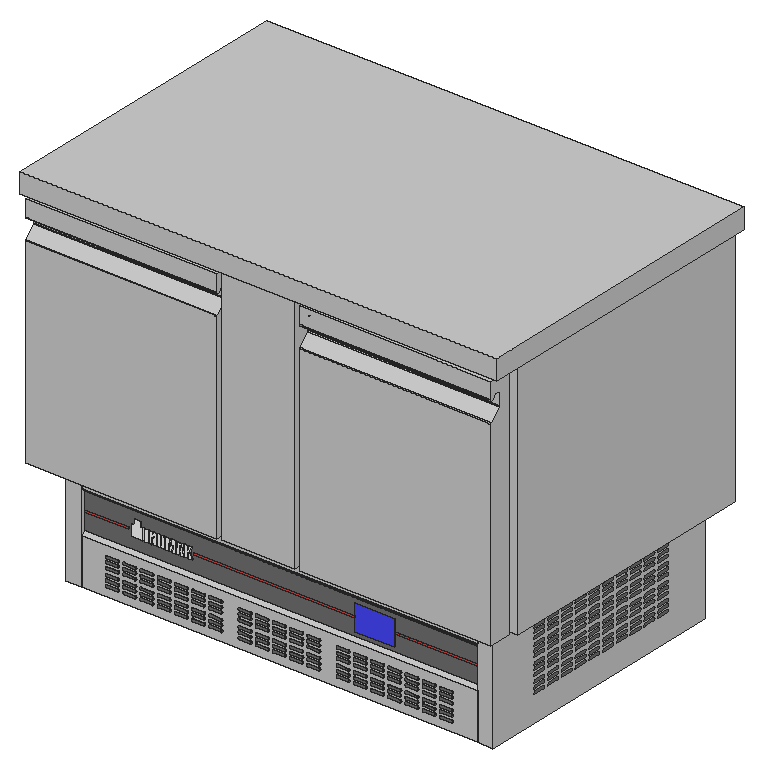
Revit family "QF_INOMAK_BPVP7300_250611012940", category Specialty Equipment, Revit 2021 (continued)
Definition of nested family "QF_INOMAK_REF_BASE_MOTOR_2920"
  Forms (mm)
    Extrusion 19, solid
      sketch origin (39, 1580.136, -390.167) x (0, 1, 0) y (0, 0, 1)
        loop
          arc (-1868.436, 587.535) -> (-1871.436, 584.535) -> (-1868.436, 581.535) r 3
          line (-1868.436, 581.535) -> (-1844.436, 581.535)
          arc (-1844.436, 581.535) -> (-1841.436, 584.535) -> (-1844.436, 587.535) r 3
          line (-1844.436, 587.535) -> (-1868.436, 587.535)
        loop
          arc (-1829.436, 587.535) -> (-1832.436, 584.535) -> (-1829.436, 581.535) r 3
          line (-1829.436, 581.535) -> (-1805.436, 581.535)
          arc (-1805.436, 581.535) -> (-1802.436, 584.535) -> (-1805.436, 587.535) r 3
          line (-1805.436, 587.535) -> (-1829.436, 587.535)
        loop
          arc (-1790.436, 587.535) -> (-1793.436, 584.535) -> (-1790.436, 581.535) r 3
          line (-1790.436, 581.535) -> (-1766.436, 581.535)
          arc (-1766.436, 581.535) -> (-1763.436, 584.535) -> (-1766.436, 587.535) r 3
          line (-1766.436, 587.535) -> (-1790.436, 587.535)
        loop
          arc (-1751.436, 587.535) -> (-1754.436, 584.535) -> (-1751.436, 581.535) r 3
          line (-1751.436, 581.535) -> (-1727.436, 581.535)
          arc (-1727.436, 581.535) -> (-1724.436, 584.535) -> (-1727.436, 587.535) r 3
          line (-1727.436, 587.535) -> (-1751.436, 587.535)
        loop
          arc (-1985.436, 572.535) -> (-1988.436, 569.535) -> (-1985.436, 566.535) r 3
          line (-1985.436, 566.535) -> (-1961.436, 566.535)
          arc (-1961.436, 566.535) -> (-1958.436, 569.535) -> (-1961.436, 572.535) r 3
          line (-1961.436, 572.535) -> (-1985.436, 572.535)
        loop
          arc (-1946.436, 572.535) -> (-1949.436, 569.535) -> (-1946.436, 566.535) r 3
          line (-1946.436, 566.535) -> (-1922.436, 566.535)
          arc (-1922.436, 566.535) -> (-1919.436, 569.535) -> (-1922.436, 572.535) r 3
          line (-1922.436, 572.535) -> (-1946.436, 572.535)
        loop
          arc (-1907.436, 572.535) -> (-1910.436, 569.535) -> (-1907.436, 566.535) r 3
          line (-1907.436, 566.535) -> (-1883.436, 566.535)
          arc (-1883.436, 566.535) -> (-1880.436, 569.535) -> (-1883.436, 572.535) r 3
          line (-1883.436, 572.535) -> (-1907.436, 572.535)
        loop
          arc (-1868.436, 572.535) -> (-1871.436, 569.535) -> (-1868.436, 566.535) r 3
          line (-1868.436, 566.535) -> (-1844.436, 566.535)
          arc (-1844.436, 566.535) -> (-1841.436, 569.535) -> (-1844.436, 572.535) r 3
          line (-1844.436, 572.535) -> (-1868.436, 572.535)
        loop
          arc (-1829.436, 572.535) -> (-1832.436, 569.535) -> (-1829.436, 566.535) r 3
          line (-1829.436, 566.535) -> (-1805.436, 566.535)
          arc (-1805.436, 566.535) -> (-1802.436, 569.535) -> (-1805.436, 572.535) r 3
          line (-1805.436, 572.535) -> (-1829.436, 572.535)
        loop
          arc (-1790.436, 572.535) -> (-1793.436, 569.535) -> (-1790.436, 566.535) r 3
          line (-1790.436, 566.535) -> (-1766.436, 566.535)
          arc (-1766.436, 566.535) -> (-1763.436, 569.535) -> (-1766.436, 572.535) r 3
          line (-1766.436, 572.535) -> (-1790.436, 572.535)
        loop
          arc (-1751.436, 572.535) -> (-1754.436, 569.535) -> (-1751.436, 566.535) r 3
          line (-1751.436, 566.535) -> (-1727.436, 566.535)
          arc (-1727.436, 566.535) -> (-1724.436, 569.535) -> (-1727.436, 572.535) r 3
          line (-1727.436, 572.535) -> (-1751.436, 572.535)
        loop
          arc (-1985.436, 561.535) -> (-1988.436, 558.535) -> (-1985.436, 555.535) r 3
          line (-1985.436, 555.535) -> (-1961.436, 555.535)
          arc (-1961.436, 555.535) -> (-1958.436, 558.535) -> (-1961.436, 561.535) r 3
          line (-1961.436, 561.535) -> (-1985.436, 561.535)
        loop
          arc (-1946.436, 561.535) -> (-1949.436, 558.535) -> (-1946.436, 555.535) r 3
          line (-1946.436, 555.535) -> (-1922.436, 555.535)
          arc (-1922.436, 555.535) -> (-1919.436, 558.535) -> (-1922.436, 561.535) r 3
          line (-1922.436, 561.535) -> (-1946.436, 561.535)
        loop
          arc (-1907.436, 561.535) -> (-1910.436, 558.535) -> (-1907.436, 555.535) r 3
          line (-1907.436, 555.535) -> (-1883.436, 555.535)
          arc (-1883.436, 555.535) -> (-1880.436, 558.535) -> (-1883.436, 561.535) r 3
          line (-1883.436, 561.535) -> (-1907.436, 561.535)
        loop
          arc (-1868.436, 561.535) -> (-1871.436, 558.535) -> (-1868.436, 555.535) r 3
          line (-1868.436, 555.535) -> (-1844.436, 555.535)
          arc (-1844.436, 555.535) -> (-1841.436, 558.535) -> (-1844.436, 561.535) r 3
          line (-1844.436, 561.535) -> (-1868.436, 561.535)
        loop
          arc (-1829.436, 561.535) -> (-1832.436, 558.535) -> (-1829.436, 555.535) r 3
          line (-1829.436, 555.535) -> (-1805.436, 555.535)
          arc (-1805.436, 555.535) -> (-1802.436, 558.535) -> (-1805.436, 561.535) r 3
          line (-1805.436, 561.535) -> (-1829.436, 561.535)
        loop
          arc (-1790.436, 561.535) -> (-1793.436, 558.535) -> (-1790.436, 555.535) r 3
          line (-1790.436, 555.535) -> (-1766.436, 555.535)
          arc (-1766.436, 555.535) -> (-1763.436, 558.535) -> (-1766.436, 561.535) r 3
          line (-1766.436, 561.535) -> (-1790.436, 561.535)
        loop
          arc (-1751.436, 561.535) -> (-1754.436, 558.535) -> (-1751.436, 555.535) r 3
          line (-1751.436, 555.535) -> (-1727.436, 555.535)
          arc (-1727.436, 555.535) -> (-1724.436, 558.535) -> (-1727.436, 561.535) r 3
          line (-1727.436, 561.535) -> (-1751.436, 561.535)
        loop
          arc (-1985.436, 550.535) -> (-1988.436, 547.535) -> (-1985.436, 544.535) r 3
          line (-1985.436, 544.535) -> (-1961.436, 544.535)
          arc (-1961.436, 544.535) -> (-1958.436, 547.535) -> (-1961.436, 550.535) r 3
          line (-1961.436, 550.535) -> (-1985.436, 550.535)
        loop
          arc (-1946.436, 550.535) -> (-1949.436, 547.535) -> (-1946.436, 544.535) r 3
          line (-1946.436, 544.535) -> (-1922.436, 544.535)
          arc (-1922.436, 544.535) -> (-1919.436, 547.535) -> (-1922.436, 550.535) r 3
          line (-1922.436, 550.535) -> (-1946.436, 550.535)
        loop
          arc (-1907.436, 550.535) -> (-1910.436, 547.535) -> (-1907.436, 544.535) r 3
          line (-1907.436, 544.535) -> (-1883.436, 544.535)
          arc (-1883.436, 544.535) -> (-1880.436, 547.535) -> (-1883.436, 550.535) r 3
          line (-1883.436, 550.535) -> (-1907.436, 550.535)
        loop
          arc (-1868.436, 550.535) -> (-1871.436, 547.535) -> (-1868.436, 544.535) r 3
          line (-1868.436, 544.535) -> (-1844.436, 544.535)
          arc (-1844.436, 544.535) -> (-1841.436, 547.535) -> (-1844.436, 550.535) r 3
          line (-1844.436, 550.535) -> (-1868.436, 550.535)
        loop
          arc (-1829.436, 550.535) -> (-1832.436, 547.535) -> (-1829.436, 544.535) r 3
          line (-1829.436, 544.535) -> (-1805.436, 544.535)
          arc (-1805.436, 544.535) -> (-1802.436, 547.535) -> (-1805.436, 550.535) r 3
          line (-1805.436, 550.535) -> (-1829.436, 550.535)
        loop
          arc (-1790.436, 550.535) -> (-1793.436, 547.535) -> (-1790.436, 544.535) r 3
          line (-1790.436, 544.535) -> (-1766.436, 544.535)
          arc (-1766.436, 544.535) -> (-1763.436, 547.535) -> (-1766.436, 550.535) r 3
          line (-1766.436, 550.535) -> (-1790.436, 550.535)
        loop
          arc (-1751.436, 550.535) -> (-1754.436, 547.535) -> (-1751.436, 544.535) r 3
          line (-1751.436, 544.535) -> (-1727.436, 544.535)
          arc (-1727.436, 544.535) -> (-1724.436, 547.535) -> (-1727.436, 550.535) r 3
          line (-1727.436, 550.535) -> (-1751.436, 550.535)
        loop
          arc (-2102.436, 609.535) -> (-2105.436, 606.535) -> (-2102.436, 603.535) r 3
          line (-2102.436, 603.535) -> (-2078.436, 603.535)
          arc (-2078.436, 603.535) -> (-2075.436, 606.535) -> (-2078.436, 609.535) r 3
          line (-2078.436, 609.535) -> (-2102.436, 609.535)
        loop
          arc (-2063.436, 609.535) -> (-2066.436, 606.535) -> (-2063.436, 603.535) r 3
          line (-2063.436, 603.535) -> (-2039.436, 603.535)
          arc (-2039.436, 603.535) -> (-2036.436, 606.535) -> (-2039.436, 609.535) r 3
          line (-2039.436, 609.535) -> (-2063.436, 609.535)
        loop
          arc (-2024.436, 609.535) -> (-2027.436, 606.535) -> (-2024.436, 603.535) r 3
          line (-2024.436, 603.535) -> (-2000.436, 603.535)
          arc (-2000.436, 603.535) -> (-1997.436, 606.535) -> (-2000.436, 609.535) r 3
          line (-2000.436, 609.535) -> (-2024.436, 609.535)
        loop
          arc (-2102.436, 598.535) -> (-2105.436, 595.535) -> (-2102.436, 592.535) r 3
          line (-2102.436, 592.535) -> (-2078.436, 592.535)
          arc (-2078.436, 592.535) -> (-2075.436, 595.535) -> (-2078.436, 598.535) r 3
          line (-2078.436, 598.535) -> (-2102.436, 598.535)
        loop
          arc (-2063.436, 598.535) -> (-2066.436, 595.535) -> (-2063.436, 592.535) r 3
          line (-2063.436, 592.535) -> (-2039.436, 592.535)
          arc (-2039.436, 592.535) -> (-2036.436, 595.535) -> (-2039.436, 598.535) r 3
          line (-2039.436, 598.535) -> (-2063.436, 598.535)
        loop
          arc (-2024.436, 598.535) -> (-2027.436, 595.535) -> (-2024.436, 592.535) r 3
          line (-2024.436, 592.535) -> (-2000.436, 592.535)
          arc (-2000.436, 592.535) -> (-1997.436, 595.535) -> (-2000.436, 598.535) r 3
          line (-2000.436, 598.535) -> (-2024.436, 598.535)
        loop
          arc (-2102.436, 587.535) -> (-2105.436, 584.535) -> (-2102.436, 581.535) r 3
          line (-2102.436, 581.535) -> (-2078.436, 581.535)
          arc (-2078.436, 581.535) -> (-2075.436, 584.535) -> (-2078.436, 587.535) r 3
          line (-2078.436, 587.535) -> (-2102.436, 587.535)
        loop
          arc (-2063.436, 587.535) -> (-2066.436, 584.535) -> (-2063.436, 581.535) r 3
          line (-2063.436, 581.535) -> (-2039.436, 581.535)
          arc (-2039.436, 581.535) -> (-2036.436, 584.535) -> (-2039.436, 587.535) r 3
          line (-2039.436, 587.535) -> (-2063.436, 587.535)
        loop
          arc (-2024.436, 587.535) -> (-2027.436, 584.535) -> (-2024.436, 581.535) r 3
          line (-2024.436, 581.535) -> (-2000.436, 581.535)
          arc (-2000.436, 581.535) -> (-1997.436, 584.535) -> (-2000.436, 587.535) r 3
          line (-2000.436, 587.535) -> (-2024.436, 587.535)
        loop
          arc (-2102.436, 572.535) -> (-2105.436, 569.535) -> (-2102.436, 566.535) r 3
          line (-2102.436, 566.535) -> (-2078.436, 566.535)
          arc (-2078.436, 566.535) -> (-2075.436, 569.535) -> (-2078.436, 572.535) r 3
          line (-2078.436, 572.535) -> (-2102.436, 572.535)
        loop
          arc (-2063.436, 572.535) -> (-2066.436, 569.535) -> (-2063.436, 566.535) r 3
          line (-2063.436, 566.535) -> (-2039.436, 566.535)
          arc (-2039.436, 566.535) -> (-2036.436, 569.535) -> (-2039.436, 572.535) r 3
          line (-2039.436, 572.535) -> (-2063.436, 572.535)
        loop
          arc (-2024.436, 572.535) -> (-2027.436, 569.535) -> (-2024.436, 566.535) r 3
          line (-2024.436, 566.535) -> (-2000.436, 566.535)
          arc (-2000.436, 566.535) -> (-1997.436, 569.535) -> (-2000.436, 572.535) r 3
          line (-2000.436, 572.535) -> (-2024.436, 572.535)
        loop
          arc (-2102.436, 561.535) -> (-2105.436, 558.535) -> (-2102.436, 555.535) r 3
          line (-2102.436, 555.535) -> (-2078.436, 555.535)
          arc (-2078.436, 555.535) -> (-2075.436, 558.535) -> (-2078.436, 561.535) r 3
          line (-2078.436, 561.535) -> (-2102.436, 561.535)
        loop
          arc (-2063.436, 561.535) -> (-2066.436, 558.535) -> (-2063.436, 555.535) r 3
          line (-2063.436, 555.535) -> (-2039.436, 555.535)
          arc (-2039.436, 555.535) -> (-2036.436, 558.535) -> (-2039.436, 561.535) r 3
          line (-2039.436, 561.535) -> (-2063.436, 561.535)
        loop
          arc (-2024.436, 561.535) -> (-2027.436, 558.535) -> (-2024.436, 555.535) r 3
          line (-2024.436, 555.535) -> (-2000.436, 555.535)
          arc (-2000.436, 555.535) -> (-1997.436, 558.535) -> (-2000.436, 561.535) r 3
          line (-2000.436, 561.535) -> (-2024.436, 561.535)
        loop
          arc (-2102.436, 550.535) -> (-2105.436, 547.535) -> (-2102.436, 544.535) r 3
          line (-2102.436, 544.535) -> (-2078.436, 544.535)
          arc (-2078.436, 544.535) -> (-2075.436, 547.535) -> (-2078.436, 550.535) r 3
          line (-2078.436, 550.535) -> (-2102.436, 550.535)
        loop
          arc (-2063.436, 550.535) -> (-2066.436, 547.535) -> (-2063.436, 544.535) r 3
          line (-2063.436, 544.535) -> (-2039.436, 544.535)
          arc (-2039.436, 544.535) -> (-2036.436, 547.535) -> (-2039.436, 550.535) r 3
          line (-2039.436, 550.535) -> (-2063.436, 550.535)
        loop
          arc (-2024.436, 550.535) -> (-2027.436, 547.535) -> (-2024.436, 544.535) r 3
          line (-2024.436, 544.535) -> (-2000.436, 544.535)
          arc (-2000.436, 544.535) -> (-1997.436, 547.535) -> (-2000.436, 550.535) r 3
          line (-2000.436, 550.535) -> (-2024.436, 550.535)
        loop
          arc (-1985.436, 534.535) -> (-1988.436, 531.535) -> (-1985.436, 528.535) r 3
          line (-1985.436, 528.535) -> (-1961.436, 528.535)
          arc (-1961.436, 528.535) -> (-1958.436, 531.535) -> (-1961.436, 534.535) r 3
          line (-1961.436, 534.535) -> (-1985.436, 534.535)
        loop
          arc (-1946.436, 534.535) -> (-1949.436, 531.535) -> (-1946.436, 528.535) r 3
          line (-1946.436, 528.535) -> (-1922.436, 528.535)
          arc (-1922.436, 528.535) -> (-1919.436, 531.535) -> (-1922.436, 534.535) r 3
          line (-1922.436, 534.535) -> (-1946.436, 534.535)
        loop
          arc (-1907.436, 534.535) -> (-1910.436, 531.535) -> (-1907.436, 528.535) r 3
          line (-1907.436, 528.535) -> (-1883.436, 528.535)
          arc (-1883.436, 528.535) -> (-1880.436, 531.535) -> (-1883.436, 534.535) r 3
          line (-1883.436, 534.535) -> (-1907.436, 534.535)
        loop
          arc (-1868.436, 534.535) -> (-1871.436, 531.535) -> (-1868.436, 528.535) r 3
          line (-1868.436, 528.535) -> (-1844.436, 528.535)
          arc (-1844.436, 528.535) -> (-1841.436, 531.535) -> (-1844.436, 534.535) r 3
          line (-1844.436, 534.535) -> (-1868.436, 534.535)
        loop
          arc (-1829.436, 534.535) -> (-1832.436, 531.535) -> (-1829.436, 528.535) r 3
          line (-1829.436, 528.535) -> (-1805.436, 528.535)
          arc (-1805.436, 528.535) -> (-1802.436, 531.535) -> (-1805.436, 534.535) r 3
          line (-1805.436, 534.535) -> (-1829.436, 534.535)
        loop
          arc (-1790.436, 534.535) -> (-1793.436, 531.535) -> (-1790.436, 528.535) r 3
          line (-1790.436, 528.535) -> (-1766.436, 528.535)
          arc (-1766.436, 528.535) -> (-1763.436, 531.535) -> (-1766.436, 534.535) r 3
          line (-1766.436, 534.535) -> (-1790.436, 534.535)
        loop
          arc (-1751.436, 534.535) -> (-1754.436, 531.535) -> (-1751.436, 528.535) r 3
          line (-1751.436, 528.535) -> (-1727.436, 528.535)
          arc (-1727.436, 528.535) -> (-1724.436, 531.535) -> (-1727.436, 534.535) r 3
          line (-1727.436, 534.535) -> (-1751.436, 534.535)
        loop
          arc (-1985.436, 523.535) -> (-1988.436, 520.535) -> (-1985.436, 517.535) r 3
          line (-1985.436, 517.535) -> (-1961.436, 517.535)
          arc (-1961.436, 517.535) -> (-1958.436, 520.535) -> (-1961.436, 523.535) r 3
          line (-1961.436, 523.535) -> (-1985.436, 523.535)
        loop
          arc (-1946.436, 523.535) -> (-1949.436, 520.535) -> (-1946.436, 517.535) r 3
          line (-1946.436, 517.535) -> (-1922.436, 517.535)
          arc (-1922.436, 517.535) -> (-1919.436, 520.535) -> (-1922.436, 523.535) r 3
          line (-1922.436, 523.535) -> (-1946.436, 523.535)
        loop
          arc (-1907.436, 523.535) -> (-1910.436, 520.535) -> (-1907.436, 517.535) r 3
          line (-1907.436, 517.535) -> (-1883.436, 517.535)
          arc (-1883.436, 517.535) -> (-1880.436, 520.535) -> (-1883.436, 523.535) r 3
          line (-1883.436, 523.535) -> (-1907.436, 523.535)
        loop
          arc (-1868.436, 523.535) -> (-1871.436, 520.535) -> (-1868.436, 517.535) r 3
          line (-1868.436, 517.535) -> (-1844.436, 517.535)
          arc (-1844.436, 517.535) -> (-1841.436, 520.535) -> (-1844.436, 523.535) r 3
          line (-1844.436, 523.535) -> (-1868.436, 523.535)
        loop
          arc (-1829.436, 523.535) -> (-1832.436, 520.535) -> (-1829.436, 517.535) r 3
          line (-1829.436, 517.535) -> (-1805.436, 517.535)
          arc (-1805.436, 517.535) -> (-1802.436, 520.535) -> (-1805.436, 523.535) r 3
          line (-1805.436, 523.535) -> (-1829.436, 523.535)
        loop
          arc (-1790.436, 523.535) -> (-1793.436, 520.535) -> (-1790.436, 517.535) r 3
          line (-1790.436, 517.535) -> (-1766.436, 517.535)
          arc (-1766.436, 517.535) -> (-1763.436, 520.535) -> (-1766.436, 523.535) r 3
          line (-1766.436, 523.535) -> (-1790.436, 523.535)
        loop
          arc (-1751.436, 523.535) -> (-1754.436, 520.535) -> (-1751.436, 517.535) r 3
          line (-1751.436, 517.535) -> (-1727.436, 517.535)
          arc (-1727.436, 517.535) -> (-1724.436, 520.535) -> (-1727.436, 523.535) r 3
          line (-1727.436, 523.535) -> (-1751.436, 523.535)
        loop
          arc (-1985.436, 512.535) -> (-1988.436, 509.535) -> (-1985.436, 506.535) r 3
          line (-1985.436, 506.535) -> (-1961.436, 506.535)
          arc (-1961.436, 506.535) -> (-1958.436, 509.535) -> (-1961.436, 512.535) r 3
          line (-1961.436, 512.535) -> (-1985.436, 512.535)
        loop
          arc (-1946.436, 512.535) -> (-1949.436, 509.535) -> (-1946.436, 506.535) r 3
          line (-1946.436, 506.535) -> (-1922.436, 506.535)
          arc (-1922.436, 506.535) -> (-1919.436, 509.535) -> (-1922.436, 512.535) r 3
          line (-1922.436, 512.535) -> (-1946.436, 512.535)
        loop
          arc (-1907.436, 512.535) -> (-1910.436, 509.535) -> (-1907.436, 506.535) r 3
          line (-1907.436, 506.535) -> (-1883.436, 506.535)
          arc (-1883.436, 506.535) -> (-1880.436, 509.535) -> (-1883.436, 512.535) r 3
          line (-1883.436, 512.535) -> (-1907.436, 512.535)
        loop
          arc (-1868.436, 512.535) -> (-1871.436, 509.535) -> (-1868.436, 506.535) r 3
          line (-1868.436, 506.535) -> (-1844.436, 506.535)
          arc (-1844.436, 506.535) -> (-1841.436, 509.535) -> (-1844.436, 512.535) r 3
          line (-1844.436, 512.535) -> (-1868.436, 512.535)
        loop
          arc (-1829.436, 512.535) -> (-1832.436, 509.535) -> (-1829.436, 506.535) r 3
          line (-1829.436, 506.535) -> (-1805.436, 506.535)
          arc (-1805.436, 506.535) -> (-1802.436, 509.535) -> (-1805.436, 512.535) r 3
          line (-1805.436, 512.535) -> (-1829.436, 512.535)
        loop
          arc (-1790.436, 512.535) -> (-1793.436, 509.535) -> (-1790.436, 506.535) r 3
          line (-1790.436, 506.535) -> (-1766.436, 506.535)
          arc (-1766.436, 506.535) -> (-1763.436, 509.535) -> (-1766.436, 512.535) r 3
          line (-1766.436, 512.535) -> (-1790.436, 512.535)
        loop
          arc (-1751.436, 512.535) -> (-1754.436, 509.535) -> (-1751.436, 506.535) r 3
          line (-1751.436, 506.535) -> (-1727.436, 506.535)
          arc (-1727.436, 506.535) -> (-1724.436, 509.535) -> (-1727.436, 512.535) r 3
          line (-1727.436, 512.535) -> (-1751.436, 512.535)
        loop
          arc (-1985.436, 497.535) -> (-1988.436, 494.535) -> (-1985.436, 491.535) r 3
          line (-1985.436, 491.535) -> (-1961.436, 491.535)
          arc (-1961.436, 491.535) -> (-1958.436, 494.535) -> (-1961.436, 497.535) r 3
          line (-1961.436, 497.535) -> (-1985.436, 497.535)
        loop
          arc (-1946.436, 497.535) -> (-1949.436, 494.535) -> (-1946.436, 491.535) r 3
          line (-1946.436, 491.535) -> (-1922.436, 491.535)
          arc (-1922.436, 491.535) -> (-1919.436, 494.535) -> (-1922.436, 497.535) r 3
          line (-1922.436, 497.535) -> (-1946.436, 497.535)
        loop
          arc (-1907.436, 497.535) -> (-1910.436, 494.535) -> (-1907.436, 491.535) r 3
          line (-1907.436, 491.535) -> (-1883.436, 491.535)
          arc (-1883.436, 491.535) -> (-1880.436, 494.535) -> (-1883.436, 497.535) r 3
          line (-1883.436, 497.535) -> (-1907.436, 497.535)
        loop
          arc (-1868.436, 497.535) -> (-1871.436, 494.535) -> (-1868.436, 491.535) r 3
          line (-1868.436, 491.535) -> (-1844.436, 491.535)
          arc (-1844.436, 491.535) -> (-1841.436, 494.535) -> (-1844.436, 497.535) r 3
          line (-1844.436, 497.535) -> (-1868.436, 497.535)
        loop
          arc (-1829.436, 497.535) -> (-1832.436, 494.535) -> (-1829.436, 491.535) r 3
          line (-1829.436, 491.535) -> (-1805.436, 491.535)
          arc (-1805.436, 491.535) -> (-1802.436, 494.535) -> (-1805.436, 497.535) r 3
          line (-1805.436, 497.535) -> (-1829.436, 497.535)
        loop
          arc (-1790.436, 497.535) -> (-1793.436, 494.535) -> (-1790.436, 491.535) r 3
          line (-1790.436, 491.535) -> (-1766.436, 491.535)
          arc (-1766.436, 491.535) -> (-1763.436, 494.535) -> (-1766.436, 497.535) r 3
          line (-1766.436, 497.535) -> (-1790.436, 497.535)
        loop
          arc (-1751.436, 497.535) -> (-1754.436, 494.535) -> (-1751.436, 491.535) r 3
          line (-1751.436, 491.535) -> (-1727.436, 491.535)
          arc (-1727.436, 491.535) -> (-1724.436, 494.535) -> (-1727.436, 497.535) r 3
          line (-1727.436, 497.535) -> (-1751.436, 497.535)
        loop
          arc (-1985.436, 486.535) -> (-1988.436, 483.535) -> (-1985.436, 480.535) r 3
          line (-1985.436, 480.535) -> (-1961.436, 480.535)
          arc (-1961.436, 480.535) -> (-1958.436, 483.535) -> (-1961.436, 486.535) r 3
          line (-1961.436, 486.535) -> (-1985.436, 486.535)
        loop
          arc (-1946.436, 486.535) -> (-1949.436, 483.535) -> (-1946.436, 480.535) r 3
          line (-1946.436, 480.535) -> (-1922.436, 480.535)
          arc (-1922.436, 480.535) -> (-1919.436, 483.535) -> (-1922.436, 486.535) r 3
          line (-1922.436, 486.535) -> (-1946.436, 486.535)
        loop
          arc (-1907.436, 486.535) -> (-1910.436, 483.535) -> (-1907.436, 480.535) r 3
          line (-1907.436, 480.535) -> (-1883.436, 480.535)
          arc (-1883.436, 480.535) -> (-1880.436, 483.535) -> (-1883.436, 486.535) r 3
          line (-1883.436, 486.535) -> (-1907.436, 486.535)
        loop
          arc (-1868.436, 486.535) -> (-1871.436, 483.535) -> (-1868.436, 480.535) r 3
          line (-1868.436, 480.535) -> (-1844.436, 480.535)
          arc (-1844.436, 480.535) -> (-1841.436, 483.535) -> (-1844.436, 486.535) r 3
          line (-1844.436, 486.535) -> (-1868.436, 486.535)
        loop
          arc (-1829.436, 486.535) -> (-1832.436, 483.535) -> (-1829.436, 480.535) r 3
          line (-1829.436, 480.535) -> (-1805.436, 480.535)
          arc (-1805.436, 480.535) -> (-1802.436, 483.535) -> (-1805.436, 486.535) r 3
          line (-1805.436, 486.535) -> (-1829.436, 486.535)
        loop
          arc (-1790.436, 486.535) -> (-1793.436, 483.535) -> (-1790.436, 480.535) r 3
          line (-1790.436, 480.535) -> (-1766.436, 480.535)
          arc (-1766.436, 480.535) -> (-1763.436, 483.535) -> (-1766.436, 486.535) r 3
          line (-1766.436, 486.535) -> (-1790.436, 486.535)
        loop
          arc (-1751.436, 486.535) -> (-1754.436, 483.535) -> (-1751.436, 480.535) r 3
          line (-1751.436, 480.535) -> (-1727.436, 480.535)
          arc (-1727.436, 480.535) -> (-1724.436, 483.535) -> (-1727.436, 486.535) r 3
          line (-1727.436, 486.535) -> (-1751.436, 486.535)
        loop
          arc (-1985.436, 475.535) -> (-1988.436, 472.535) -> (-1985.436, 469.535) r 3
          line (-1985.436, 469.535) -> (-1961.436, 469.535)
          arc (-1961.436, 469.535) -> (-1958.436, 472.535) -> (-1961.436, 475.535) r 3
          line (-1961.436, 475.535) -> (-1985.436, 475.535)
        loop
          arc (-1946.436, 475.535) -> (-1949.436, 472.535) -> (-1946.436, 469.535) r 3
          line (-1946.436, 469.535) -> (-1922.436, 469.535)
          arc (-1922.436, 469.535) -> (-1919.436, 472.535) -> (-1922.436, 475.535) r 3
          line (-1922.436, 475.535) -> (-1946.436, 475.535)
        loop
          arc (-1907.436, 475.535) -> (-1910.436, 472.535) -> (-1907.436, 469.535) r 3
          line (-1907.436, 469.535) -> (-1883.436, 469.535)
          arc (-1883.436, 469.535) -> (-1880.436, 472.535) -> (-1883.436, 475.535) r 3
          line (-1883.436, 475.535) -> (-1907.436, 475.535)
        loop
          arc (-1868.436, 475.535) -> (-1871.436, 472.535) -> (-1868.436, 469.535) r 3
          line (-1868.436, 469.535) -> (-1844.436, 469.535)
          arc (-1844.436, 469.535) -> (-1841.436, 472.535) -> (-1844.436, 475.535) r 3
          line (-1844.436, 475.535) -> (-1868.436, 475.535)
        loop
          arc (-1829.436, 475.535) -> (-1832.436, 472.535) -> (-1829.436, 469.535) r 3
          line (-1829.436, 469.535) -> (-1805.436, 469.535)
          arc (-1805.436, 469.535) -> (-1802.436, 472.535) -> (-1805.436, 475.535) r 3
          line (-1805.436, 475.535) -> (-1829.436, 475.535)
        loop
          arc (-1790.436, 475.535) -> (-1793.436, 472.535) -> (-1790.436, 469.535) r 3
          line (-1790.436, 469.535) -> (-1766.436, 469.535)
          arc (-1766.436, 469.535) -> (-1763.436, 472.535) -> (-1766.436, 475.535) r 3
          line (-1766.436, 475.535) -> (-1790.436, 475.535)
        loop
          arc (-1751.436, 475.535) -> (-1754.436, 472.535) -> (-1751.436, 469.535) r 3
          line (-1751.436, 469.535) -> (-1727.436, 469.535)
          arc (-1727.436, 469.535) -> (-1724.436, 472.535) -> (-1727.436, 475.535) r 3
          line (-1727.436, 475.535) -> (-1751.436, 475.535)
        loop
          arc (-2102.436, 534.535) -> (-2105.436, 531.535) -> (-2102.436, 528.535) r 3
          line (-2102.436, 528.535) -> (-2078.436, 528.535)
          arc (-2078.436, 528.535) -> (-2075.436, 531.535) -> (-2078.436, 534.535) r 3
          line (-2078.436, 534.535) -> (-2102.436, 534.535)
        loop
          arc (-2063.436, 534.535) -> (-2066.436, 531.535) -> (-2063.436, 528.535) r 3
          line (-2063.436, 528.535) -> (-2039.436, 528.535)
          arc (-2039.436, 528.535) -> (-2036.436, 531.535) -> (-2039.436, 534.535) r 3
          line (-2039.436, 534.535) -> (-2063.436, 534.535)
        loop
          arc (-2024.436, 534.535) -> (-2027.436, 531.535) -> (-2024.436, 528.535) r 3
          line (-2024.436, 528.535) -> (-2000.436, 528.535)
          arc (-2000.436, 528.535) -> (-1997.436, 531.535) -> (-2000.436, 534.535) r 3
          line (-2000.436, 534.535) -> (-2024.436, 534.535)
        loop
          arc (-2102.436, 523.535) -> (-2105.436, 520.535) -> (-2102.436, 517.535) r 3
          line (-2102.436, 517.535) -> (-2078.436, 517.535)
          arc (-2078.436, 517.535) -> (-2075.436, 520.535) -> (-2078.436, 523.535) r 3
          line (-2078.436, 523.535) -> (-2102.436, 523.535)
        loop
          arc (-2063.436, 523.535) -> (-2066.436, 520.535) -> (-2063.436, 517.535) r 3
          line (-2063.436, 517.535) -> (-2039.436, 517.535)
          arc (-2039.436, 517.535) -> (-2036.436, 520.535) -> (-2039.436, 523.535) r 3
          line (-2039.436, 523.535) -> (-2063.436, 523.535)
        loop
          arc (-2024.436, 523.535) -> (-2027.436, 520.535) -> (-2024.436, 517.535) r 3
          line (-2024.436, 517.535) -> (-2000.436, 517.535)
          arc (-2000.436, 517.535) -> (-1997.436, 520.535) -> (-2000.436, 523.535) r 3
          line (-2000.436, 523.535) -> (-2024.436, 523.535)
        loop
          arc (-2102.436, 512.535) -> (-2105.436, 509.535) -> (-2102.436, 506.535) r 3
          line (-2102.436, 506.535) -> (-2078.436, 506.535)
          arc (-2078.436, 506.535) -> (-2075.436, 509.535) -> (-2078.436, 512.535) r 3
          line (-2078.436, 512.535) -> (-2102.436, 512.535)
        loop
          arc (-2063.436, 512.535) -> (-2066.436, 509.535) -> (-2063.436, 506.535) r 3
          line (-2063.436, 506.535) -> (-2039.436, 506.535)
          arc (-2039.436, 506.535) -> (-2036.436, 509.535) -> (-2039.436, 512.535) r 3
          line (-2039.436, 512.535) -> (-2063.436, 512.535)
        loop
          arc (-2024.436, 512.535) -> (-2027.436, 509.535) -> (-2024.436, 506.535) r 3
          line (-2024.436, 506.535) -> (-2000.436, 506.535)
          arc (-2000.436, 506.535) -> (-1997.436, 509.535) -> (-2000.436, 512.535) r 3
          line (-2000.436, 512.535) -> (-2024.436, 512.535)
        loop
          arc (-2102.436, 497.535) -> (-2105.436, 494.535) -> (-2102.436, 491.535) r 3
          line (-2102.436, 491.535) -> (-2078.436, 491.535)
          arc (-2078.436, 491.535) -> (-2075.436, 494.535) -> (-2078.436, 497.535) r 3
          line (-2078.436, 497.535) -> (-2102.436, 497.535)
        loop
          arc (-2063.436, 497.535) -> (-2066.436, 494.535) -> (-2063.436, 491.535) r 3
          line (-2063.436, 491.535) -> (-2039.436, 491.535)
          arc (-2039.436, 491.535) -> (-2036.436, 494.535) -> (-2039.436, 497.535) r 3
          line (-2039.436, 497.535) -> (-2063.436, 497.535)
        loop
          arc (-2024.436, 497.535) -> (-2027.436, 494.535) -> (-2024.436, 491.535) r 3
          line (-2024.436, 491.535) -> (-2000.436, 491.535)
          arc (-2000.436, 491.535) -> (-1997.436, 494.535) -> (-2000.436, 497.535) r 3
          line (-2000.436, 497.535) -> (-2024.436, 497.535)
        loop
          arc (-2102.436, 486.535) -> (-2105.436, 483.535) -> (-2102.436, 480.535) r 3
          line (-2102.436, 480.535) -> (-2078.436, 480.535)
          arc (-2078.436, 480.535) -> (-2075.436, 483.535) -> (-2078.436, 486.535) r 3
          line (-2078.436, 486.535) -> (-2102.436, 486.535)
        loop
          arc (-2063.436, 486.535) -> (-2066.436, 483.535) -> (-2063.436, 480.535) r 3
          line (-2063.436, 480.535) -> (-2039.436, 480.535)
          arc (-2039.436, 480.535) -> (-2036.436, 483.535) -> (-2039.436, 486.535) r 3
          line (-2039.436, 486.535) -> (-2063.436, 486.535)
        loop
          arc (-2024.436, 486.535) -> (-2027.436, 483.535) -> (-2024.436, 480.535) r 3
          line (-2024.436, 480.535) -> (-2000.436, 480.535)
          arc (-2000.436, 480.535) -> (-1997.436, 483.535) -> (-2000.436, 486.535) r 3
          line (-2000.436, 486.535) -> (-2024.436, 486.535)
        loop
          arc (-2102.436, 475.535) -> (-2105.436, 472.535) -> (-2102.436, 469.535) r 3
          line (-2102.436, 469.535) -> (-2078.436, 469.535)
          arc (-2078.436, 469.535) -> (-2075.436, 472.535) -> (-2078.436, 475.535) r 3
          line (-2078.436, 475.535) -> (-2102.436, 475.535)
        loop
          arc (-2063.436, 475.535) -> (-2066.436, 472.535) -> (-2063.436, 469.535) r 3
          line (-2063.436, 469.535) -> (-2039.436, 469.535)
          arc (-2039.436, 469.535) -> (-2036.436, 472.535) -> (-2039.436, 475.535) r 3
          line (-2039.436, 475.535) -> (-2063.436, 475.535)
        loop
          arc (-2024.436, 475.535) -> (-2027.436, 472.535) -> (-2024.436, 469.535) r 3
          line (-2024.436, 469.535) -> (-2000.436, 469.535)
          arc (-2000.436, 469.535) -> (-1997.436, 472.535) -> (-2000.436, 475.535) r 3
          line (-2000.436, 475.535) -> (-2024.436, 475.535)
      from 16.5 to 19
    Extrusion 20, solid
      sketch origin (1041, 1580.136, -390.167) x (0, 1, 0) y (0, 0, -1)
        loop
          line (-1985.436, -609.535) -> (-1961.436, -609.535)
          arc (-1961.436, -609.535) -> (-1958.436, -606.535) -> (-1961.436, -603.535) r 3
          line (-1961.436, -603.535) -> (-1985.436, -603.535)
          arc (-1985.436, -603.535) -> (-1988.436, -606.535) -> (-1985.436, -609.535) r 3
        loop
          line (-1946.436, -609.535) -> (-1922.436, -609.535)
          arc (-1922.436, -609.535) -> (-1919.436, -606.535) -> (-1922.436, -603.535) r 3
          line (-1922.436, -603.535) -> (-1946.436, -603.535)
          arc (-1946.436, -603.535) -> (-1949.436, -606.535) -> (-1946.436, -609.535) r 3
        loop
          line (-1907.436, -609.535) -> (-1883.436, -609.535)
          arc (-1883.436, -609.535) -> (-1880.436, -606.535) -> (-1883.436, -603.535) r 3
          line (-1883.436, -603.535) -> (-1907.436, -603.535)
          arc (-1907.436, -603.535) -> (-1910.436, -606.535) -> (-1907.436, -609.535) r 3
        loop
          line (-1868.436, -609.535) -> (-1844.436, -609.535)
          arc (-1844.436, -609.535) -> (-1841.436, -606.535) -> (-1844.436, -603.535) r 3
          line (-1844.436, -603.535) -> (-1868.436, -603.535)
          arc (-1868.436, -603.535) -> (-1871.436, -606.535) -> (-1868.436, -609.535) r 3
        loop
          line (-1829.436, -609.535) -> (-1805.436, -609.535)
          arc (-1805.436, -609.535) -> (-1802.436, -606.535) -> (-1805.436, -603.535) r 3
          line (-1805.436, -603.535) -> (-1829.436, -603.535)
          arc (-1829.436, -603.535) -> (-1832.436, -606.535) -> (-1829.436, -609.535) r 3
        loop
          line (-1790.436, -609.535) -> (-1766.436, -609.535)
          arc (-1766.436, -609.535) -> (-1763.436, -606.535) -> (-1766.436, -603.535) r 3
          line (-1766.436, -603.535) -> (-1790.436, -603.535)
          arc (-1790.436, -603.535) -> (-1793.436, -606.535) -> (-1790.436, -609.535) r 3
        loop
          line (-1751.436, -609.535) -> (-1727.436, -609.535)
          arc (-1727.436, -609.535) -> (-1724.436, -606.535) -> (-1727.436, -603.535) r 3
          line (-1727.436, -603.535) -> (-1751.436, -603.535)
          arc (-1751.436, -603.535) -> (-1754.436, -606.535) -> (-1751.436, -609.535) r 3
        loop
          line (-1985.436, -598.535) -> (-1961.436, -598.535)
          arc (-1961.436, -598.535) -> (-1958.436, -595.535) -> (-1961.436, -592.535) r 3
          line (-1961.436, -592.535) -> (-1985.436, -592.535)
          arc (-1985.436, -592.535) -> (-1988.436, -595.535) -> (-1985.436, -598.535) r 3
        loop
          line (-1946.436, -598.535) -> (-1922.436, -598.535)
          arc (-1922.436, -598.535) -> (-1919.436, -595.535) -> (-1922.436, -592.535) r 3
          line (-1922.436, -592.535) -> (-1946.436, -592.535)
          arc (-1946.436, -592.535) -> (-1949.436, -595.535) -> (-1946.436, -598.535) r 3
        loop
          line (-1907.436, -598.535) -> (-1883.436, -598.535)
          arc (-1883.436, -598.535) -> (-1880.436, -595.535) -> (-1883.436, -592.535) r 3
          line (-1883.436, -592.535) -> (-1907.436, -592.535)
          arc (-1907.436, -592.535) -> (-1910.436, -595.535) -> (-1907.436, -598.535) r 3
        loop
          line (-1868.436, -598.535) -> (-1844.436, -598.535)
          arc (-1844.436, -598.535) -> (-1841.436, -595.535) -> (-1844.436, -592.535) r 3
          line (-1844.436, -592.535) -> (-1868.436, -592.535)
          arc (-1868.436, -592.535) -> (-1871.436, -595.535) -> (-1868.436, -598.535) r 3
        loop
          line (-1829.436, -598.535) -> (-1805.436, -598.535)
          arc (-1805.436, -598.535) -> (-1802.436, -595.535) -> (-1805.436, -592.535) r 3
          line (-1805.436, -592.535) -> (-1829.436, -592.535)
          arc (-1829.436, -592.535) -> (-1832.436, -595.535) -> (-1829.436, -598.535) r 3
        loop
          line (-1790.436, -598.535) -> (-1766.436, -598.535)
          arc (-1766.436, -598.535) -> (-1763.436, -595.535) -> (-1766.436, -592.535) r 3
          line (-1766.436, -592.535) -> (-1790.436, -592.535)
          arc (-1790.436, -592.535) -> (-1793.436, -595.535) -> (-1790.436, -598.535) r 3
        loop
          line (-1751.436, -598.535) -> (-1727.436, -598.535)
          arc (-1727.436, -598.535) -> (-1724.436, -595.535) -> (-1727.436, -592.535) r 3
          line (-1727.436, -592.535) -> (-1751.436, -592.535)
          arc (-1751.436, -592.535) -> (-1754.436, -595.535) -> (-1751.436, -598.535) r 3
        loop
          line (-1985.436, -587.535) -> (-1961.436, -587.535)
          arc (-1961.436, -587.535) -> (-1958.436, -584.535) -> (-1961.436, -581.535) r 3
          line (-1961.436, -581.535) -> (-1985.436, -581.535)
          arc (-1985.436, -581.535) -> (-1988.436, -584.535) -> (-1985.436, -587.535) r 3
        loop
          line (-1946.436, -587.535) -> (-1922.436, -587.535)
          arc (-1922.436, -587.535) -> (-1919.436, -584.535) -> (-1922.436, -581.535) r 3
          line (-1922.436, -581.535) -> (-1946.436, -581.535)
          arc (-1946.436, -581.535) -> (-1949.436, -584.535) -> (-1946.436, -587.535) r 3
        loop
          line (-1907.436, -587.535) -> (-1883.436, -587.535)
          arc (-1883.436, -587.535) -> (-1880.436, -584.535) -> (-1883.436, -581.535) r 3
          line (-1883.436, -581.535) -> (-1907.436, -581.535)
          arc (-1907.436, -581.535) -> (-1910.436, -584.535) -> (-1907.436, -587.535) r 3
        loop
          line (-1868.436, -587.535) -> (-1844.436, -587.535)
          arc (-1844.436, -587.535) -> (-1841.436, -584.535) -> (-1844.436, -581.535) r 3
          line (-1844.436, -581.535) -> (-1868.436, -581.535)
          arc (-1868.436, -581.535) -> (-1871.436, -584.535) -> (-1868.436, -587.535) r 3
        loop
          line (-1829.436, -587.535) -> (-1805.436, -587.535)
          arc (-1805.436, -587.535) -> (-1802.436, -584.535) -> (-1805.436, -581.535) r 3
          line (-1805.436, -581.535) -> (-1829.436, -581.535)
          arc (-1829.436, -581.535) -> (-1832.436, -584.535) -> (-1829.436, -587.535) r 3
        loop
          line (-1790.436, -587.535) -> (-1766.436, -587.535)
          arc (-1766.436, -587.535) -> (-1763.436, -584.535) -> (-1766.436, -581.535) r 3
          line (-1766.436, -581.535) -> (-1790.436, -581.535)
          arc (-1790.436, -581.535) -> (-1793.436, -584.535) -> (-1790.436, -587.535) r 3
        loop
          line (-1751.436, -587.535) -> (-1727.436, -587.535)
          arc (-1727.436, -587.535) -> (-1724.436, -584.535) -> (-1727.436, -581.535) r 3
          line (-1727.436, -581.535) -> (-1751.436, -581.535)
          arc (-1751.436, -581.535) -> (-1754.436, -584.535) -> (-1751.436, -587.535) r 3
        loop
          line (-1985.436, -572.535) -> (-1961.436, -572.535)
          arc (-1961.436, -572.535) -> (-1958.436, -569.535) -> (-1961.436, -566.535) r 3
          line (-1961.436, -566.535) -> (-1985.436, -566.535)
          arc (-1985.436, -566.535) -> (-1988.436, -569.535) -> (-1985.436, -572.535) r 3
        loop
          line (-1946.436, -572.535) -> (-1922.436, -572.535)
          arc (-1922.436, -572.535) -> (-1919.436, -569.535) -> (-1922.436, -566.535) r 3
          line (-1922.436, -566.535) -> (-1946.436, -566.535)
          arc (-1946.436, -566.535) -> (-1949.436, -569.535) -> (-1946.436, -572.535) r 3
        loop
          line (-1907.436, -572.535) -> (-1883.436, -572.535)
          arc (-1883.436, -572.535) -> (-1880.436, -569.535) -> (-1883.436, -566.535) r 3
          line (-1883.436, -566.535) -> (-1907.436, -566.535)
          arc (-1907.436, -566.535) -> (-1910.436, -569.535) -> (-1907.436, -572.535) r 3
        loop
          line (-1868.436, -572.535) -> (-1844.436, -572.535)
          arc (-1844.436, -572.535) -> (-1841.436, -569.535) -> (-1844.436, -566.535) r 3
          line (-1844.436, -566.535) -> (-1868.436, -566.535)
          arc (-1868.436, -566.535) -> (-1871.436, -569.535) -> (-1868.436, -572.535) r 3
        loop
          line (-1829.436, -572.535) -> (-1805.436, -572.535)
          arc (-1805.436, -572.535) -> (-1802.436, -569.535) -> (-1805.436, -566.535) r 3
          line (-1805.436, -566.535) -> (-1829.436, -566.535)
          arc (-1829.436, -566.535) -> (-1832.436, -569.535) -> (-1829.436, -572.535) r 3
        loop
          line (-1790.436, -572.535) -> (-1766.436, -572.535)
          arc (-1766.436, -572.535) -> (-1763.436, -569.535) -> (-1766.436, -566.535) r 3
          line (-1766.436, -566.535) -> (-1790.436, -566.535)
          arc (-1790.436, -566.535) -> (-1793.436, -569.535) -> (-1790.436, -572.535) r 3
        loop
          line (-1751.436, -572.535) -> (-1727.436, -572.535)
          arc (-1727.436, -572.535) -> (-1724.436, -569.535) -> (-1727.436, -566.535) r 3
          line (-1727.436, -566.535) -> (-1751.436, -566.535)
          arc (-1751.436, -566.535) -> (-1754.436, -569.535) -> (-1751.436, -572.535) r 3
        loop
          line (-1985.436, -561.535) -> (-1961.436, -561.535)
          arc (-1961.436, -561.535) -> (-1958.436, -558.535) -> (-1961.436, -555.535) r 3
          line (-1961.436, -555.535) -> (-1985.436, -555.535)
          arc (-1985.436, -555.535) -> (-1988.436, -558.535) -> (-1985.436, -561.535) r 3
        loop
          line (-1946.436, -561.535) -> (-1922.436, -561.535)
          arc (-1922.436, -561.535) -> (-1919.436, -558.535) -> (-1922.436, -555.535) r 3
          line (-1922.436, -555.535) -> (-1946.436, -555.535)
          arc (-1946.436, -555.535) -> (-1949.436, -558.535) -> (-1946.436, -561.535) r 3
        loop
          line (-1907.436, -561.535) -> (-1883.436, -561.535)
          arc (-1883.436, -561.535) -> (-1880.436, -558.535) -> (-1883.436, -555.535) r 3
          line (-1883.436, -555.535) -> (-1907.436, -555.535)
          arc (-1907.436, -555.535) -> (-1910.436, -558.535) -> (-1907.436, -561.535) r 3
        loop
          line (-1868.436, -561.535) -> (-1844.436, -561.535)
          arc (-1844.436, -561.535) -> (-1841.436, -558.535) -> (-1844.436, -555.535) r 3
          line (-1844.436, -555.535) -> (-1868.436, -555.535)
          arc (-1868.436, -555.535) -> (-1871.436, -558.535) -> (-1868.436, -561.535) r 3
        loop
          line (-1829.436, -561.535) -> (-1805.436, -561.535)
          arc (-1805.436, -561.535) -> (-1802.436, -558.535) -> (-1805.436, -555.535) r 3
          line (-1805.436, -555.535) -> (-1829.436, -555.535)
          arc (-1829.436, -555.535) -> (-1832.436, -558.535) -> (-1829.436, -561.535) r 3
        loop
          line (-1790.436, -561.535) -> (-1766.436, -561.535)
          arc (-1766.436, -561.535) -> (-1763.436, -558.535) -> (-1766.436, -555.535) r 3
          line (-1766.436, -555.535) -> (-1790.436, -555.535)
          arc (-1790.436, -555.535) -> (-1793.436, -558.535) -> (-1790.436, -561.535) r 3
        loop
          line (-1751.436, -561.535) -> (-1727.436, -561.535)
          arc (-1727.436, -561.535) -> (-1724.436, -558.535) -> (-1727.436, -555.535) r 3
          line (-1727.436, -555.535) -> (-1751.436, -555.535)
          arc (-1751.436, -555.535) -> (-1754.436, -558.535) -> (-1751.436, -561.535) r 3
        loop
          line (-1985.436, -550.535) -> (-1961.436, -550.535)
          arc (-1961.436, -550.535) -> (-1958.436, -547.535) -> (-1961.436, -544.535) r 3
          line (-1961.436, -544.535) -> (-1985.436, -544.535)
          arc (-1985.436, -544.535) -> (-1988.436, -547.535) -> (-1985.436, -550.535) r 3
        loop
          line (-1946.436, -550.535) -> (-1922.436, -550.535)
          arc (-1922.436, -550.535) -> (-1919.436, -547.535) -> (-1922.436, -544.535) r 3
          line (-1922.436, -544.535) -> (-1946.436, -544.535)
          arc (-1946.436, -544.535) -> (-1949.436, -547.535) -> (-1946.436, -550.535) r 3
        loop
          line (-1907.436, -550.535) -> (-1883.436, -550.535)
          arc (-1883.436, -550.535) -> (-1880.436, -547.535) -> (-1883.436, -544.535) r 3
          line (-1883.436, -544.535) -> (-1907.436, -544.535)
          arc (-1907.436, -544.535) -> (-1910.436, -547.535) -> (-1907.436, -550.535) r 3
        loop
          line (-1868.436, -550.535) -> (-1844.436, -550.535)
          arc (-1844.436, -550.535) -> (-1841.436, -547.535) -> (-1844.436, -544.535) r 3
          line (-1844.436, -544.535) -> (-1868.436, -544.535)
          arc (-1868.436, -544.535) -> (-1871.436, -547.535) -> (-1868.436, -550.535) r 3
        loop
          line (-1829.436, -550.535) -> (-1805.436, -550.535)
          arc (-1805.436, -550.535) -> (-1802.436, -547.535) -> (-1805.436, -544.535) r 3
          line (-1805.436, -544.535) -> (-1829.436, -544.535)
          arc (-1829.436, -544.535) -> (-1832.436, -547.535) -> (-1829.436, -550.535) r 3
        loop
          line (-1790.436, -550.535) -> (-1766.436, -550.535)
          arc (-1766.436, -550.535) -> (-1763.436, -547.535) -> (-1766.436, -544.535) r 3
          line (-1766.436, -544.535) -> (-1790.436, -544.535)
          arc (-1790.436, -544.535) -> (-1793.436, -547.535) -> (-1790.436, -550.535) r 3
        loop
          line (-1751.436, -550.535) -> (-1727.436, -550.535)
          arc (-1727.436, -550.535) -> (-1724.436, -547.535) -> (-1727.436, -544.535) r 3
          line (-1727.436, -544.535) -> (-1751.436, -544.535)
          arc (-1751.436, -544.535) -> (-1754.436, -547.535) -> (-1751.436, -550.535) r 3
        loop
          line (-2102.436, -609.535) -> (-2078.436, -609.535)
          arc (-2078.436, -609.535) -> (-2075.436, -606.535) -> (-2078.436, -603.535) r 3
          line (-2078.436, -603.535) -> (-2102.436, -603.535)
          arc (-2102.436, -603.535) -> (-2105.436, -606.535) -> (-2102.436, -609.535) r 3
        loop
          line (-2063.436, -609.535) -> (-2039.436, -609.535)
          arc (-2039.436, -609.535) -> (-2036.436, -606.535) -> (-2039.436, -603.535) r 3
          line (-2039.436, -603.535) -> (-2063.436, -603.535)
          arc (-2063.436, -603.535) -> (-2066.436, -606.535) -> (-2063.436, -609.535) r 3
        loop
          line (-2024.436, -609.535) -> (-2000.436, -609.535)
          arc (-2000.436, -609.535) -> (-1997.436, -606.535) -> (-2000.436, -603.535) r 3
          line (-2000.436, -603.535) -> (-2024.436, -603.535)
          arc (-2024.436, -603.535) -> (-2027.436, -606.535) -> (-2024.436, -609.535) r 3
        loop
          line (-2102.436, -598.535) -> (-2078.436, -598.535)
          arc (-2078.436, -598.535) -> (-2075.436, -595.535) -> (-2078.436, -592.535) r 3
          line (-2078.436, -592.535) -> (-2102.436, -592.535)
          arc (-2102.436, -592.535) -> (-2105.436, -595.535) -> (-2102.436, -598.535) r 3
        loop
          line (-2063.436, -598.535) -> (-2039.436, -598.535)
          arc (-2039.436, -598.535) -> (-2036.436, -595.535) -> (-2039.436, -592.535) r 3
          line (-2039.436, -592.535) -> (-2063.436, -592.535)
          arc (-2063.436, -592.535) -> (-2066.436, -595.535) -> (-2063.436, -598.535) r 3
        loop
          line (-2024.436, -598.535) -> (-2000.436, -598.535)
          arc (-2000.436, -598.535) -> (-1997.436, -595.535) -> (-2000.436, -592.535) r 3
          line (-2000.436, -592.535) -> (-2024.436, -592.535)
          arc (-2024.436, -592.535) -> (-2027.436, -595.535) -> (-2024.436, -598.535) r 3
        loop
          line (-2102.436, -587.535) -> (-2078.436, -587.535)
          arc (-2078.436, -587.535) -> (-2075.436, -584.535) -> (-2078.436, -581.535) r 3
          line (-2078.436, -581.535) -> (-2102.436, -581.535)
          arc (-2102.436, -581.535) -> (-2105.436, -584.535) -> (-2102.436, -587.535) r 3
        loop
          line (-2063.436, -587.535) -> (-2039.436, -587.535)
          arc (-2039.436, -587.535) -> (-2036.436, -584.535) -> (-2039.436, -581.535) r 3
          line (-2039.436, -581.535) -> (-2063.436, -581.535)
          arc (-2063.436, -581.535) -> (-2066.436, -584.535) -> (-2063.436, -587.535) r 3
        loop
          line (-2024.436, -587.535) -> (-2000.436, -587.535)
          arc (-2000.436, -587.535) -> (-1997.436, -584.535) -> (-2000.436, -581.535) r 3
          line (-2000.436, -581.535) -> (-2024.436, -581.535)
          arc (-2024.436, -581.535) -> (-2027.436, -584.535) -> (-2024.436, -587.535) r 3
        loop
          line (-2102.436, -572.535) -> (-2078.436, -572.535)
          arc (-2078.436, -572.535) -> (-2075.436, -569.535) -> (-2078.436, -566.535) r 3
          line (-2078.436, -566.535) -> (-2102.436, -566.535)
          arc (-2102.436, -566.535) -> (-2105.436, -569.535) -> (-2102.436, -572.535) r 3
        loop
          line (-2063.436, -572.535) -> (-2039.436, -572.535)
          arc (-2039.436, -572.535) -> (-2036.436, -569.535) -> (-2039.436, -566.535) r 3
          line (-2039.436, -566.535) -> (-2063.436, -566.535)
          arc (-2063.436, -566.535) -> (-2066.436, -569.535) -> (-2063.436, -572.535) r 3
        loop
          line (-2024.436, -572.535) -> (-2000.436, -572.535)
          arc (-2000.436, -572.535) -> (-1997.436, -569.535) -> (-2000.436, -566.535) r 3
          line (-2000.436, -566.535) -> (-2024.436, -566.535)
          arc (-2024.436, -566.535) -> (-2027.436, -569.535) -> (-2024.436, -572.535) r 3
        loop
          line (-2102.436, -561.535) -> (-2078.436, -561.535)
          arc (-2078.436, -561.535) -> (-2075.436, -558.535) -> (-2078.436, -555.535) r 3
          line (-2078.436, -555.535) -> (-2102.436, -555.535)
          arc (-2102.436, -555.535) -> (-2105.436, -558.535) -> (-2102.436, -561.535) r 3
        loop
          line (-2063.436, -561.535) -> (-2039.436, -561.535)
          arc (-2039.436, -561.535) -> (-2036.436, -558.535) -> (-2039.436, -555.535) r 3
          line (-2039.436, -555.535) -> (-2063.436, -555.535)
          arc (-2063.436, -555.535) -> (-2066.436, -558.535) -> (-2063.436, -561.535) r 3
        loop
          line (-2024.436, -561.535) -> (-2000.436, -561.535)
          arc (-2000.436, -561.535) -> (-1997.436, -558.535) -> (-2000.436, -555.535) r 3
          line (-2000.436, -555.535) -> (-2024.436, -555.535)
          arc (-2024.436, -555.535) -> (-2027.436, -558.535) -> (-2024.436, -561.535) r 3
        loop
          line (-2102.436, -550.535) -> (-2078.436, -550.535)
          arc (-2078.436, -550.535) -> (-2075.436, -547.535) -> (-2078.436, -544.535) r 3
          line (-2078.436, -544.535) -> (-2102.436, -544.535)
          arc (-2102.436, -544.535) -> (-2105.436, -547.535) -> (-2102.436, -550.535) r 3
        loop
          line (-2063.436, -550.535) -> (-2039.436, -550.535)
          arc (-2039.436, -550.535) -> (-2036.436, -547.535) -> (-2039.436, -544.535) r 3
          line (-2039.436, -544.535) -> (-2063.436, -544.535)
          arc (-2063.436, -544.535) -> (-2066.436, -547.535) -> (-2063.436, -550.535) r 3
        loop
          line (-2024.436, -550.535) -> (-2000.436, -550.535)
          arc (-2000.436, -550.535) -> (-1997.436, -547.535) -> (-2000.436, -544.535) r 3
          line (-2000.436, -544.535) -> (-2024.436, -544.535)
          arc (-2024.436, -544.535) -> (-2027.436, -547.535) -> (-2024.436, -550.535) r 3
        loop
          line (-1985.436, -534.535) -> (-1961.436, -534.535)
          arc (-1961.436, -534.535) -> (-1958.436, -531.535) -> (-1961.436, -528.535) r 3
          line (-1961.436, -528.535) -> (-1985.436, -528.535)
          arc (-1985.436, -528.535) -> (-1988.436, -531.535) -> (-1985.436, -534.535) r 3
        loop
          line (-1946.436, -534.535) -> (-1922.436, -534.535)
          arc (-1922.436, -534.535) -> (-1919.436, -531.535) -> (-1922.436, -528.535) r 3
          line (-1922.436, -528.535) -> (-1946.436, -528.535)
          arc (-1946.436, -528.535) -> (-1949.436, -531.535) -> (-1946.436, -534.535) r 3
        loop
          line (-1907.436, -534.535) -> (-1883.436, -534.535)
          arc (-1883.436, -534.535) -> (-1880.436, -531.535) -> (-1883.436, -528.535) r 3
          line (-1883.436, -528.535) -> (-1907.436, -528.535)
          arc (-1907.436, -528.535) -> (-1910.436, -531.535) -> (-1907.436, -534.535) r 3
        loop
          line (-1868.436, -534.535) -> (-1844.436, -534.535)
          arc (-1844.436, -534.535) -> (-1841.436, -531.535) -> (-1844.436, -528.535) r 3
          line (-1844.436, -528.535) -> (-1868.436, -528.535)
          arc (-1868.436, -528.535) -> (-1871.436, -531.535) -> (-1868.436, -534.535) r 3
        loop
          line (-1829.436, -534.535) -> (-1805.436, -534.535)
          arc (-1805.436, -534.535) -> (-1802.436, -531.535) -> (-1805.436, -528.535) r 3
          line (-1805.436, -528.535) -> (-1829.436, -528.535)
          arc (-1829.436, -528.535) -> (-1832.436, -531.535) -> (-1829.436, -534.535) r 3
        loop
          line (-1790.436, -534.535) -> (-1766.436, -534.535)
          arc (-1766.436, -534.535) -> (-1763.436, -531.535) -> (-1766.436, -528.535) r 3
          line (-1766.436, -528.535) -> (-1790.436, -528.535)
          arc (-1790.436, -528.535) -> (-1793.436, -531.535) -> (-1790.436, -534.535) r 3
        loop
          line (-1751.436, -534.535) -> (-1727.436, -534.535)
          arc (-1727.436, -534.535) -> (-1724.436, -531.535) -> (-1727.436, -528.535) r 3
          line (-1727.436, -528.535) -> (-1751.436, -528.535)
          arc (-1751.436, -528.535) -> (-1754.436, -531.535) -> (-1751.436, -534.535) r 3
        loop
          line (-1985.436, -523.535) -> (-1961.436, -523.535)
          arc (-1961.436, -523.535) -> (-1958.436, -520.535) -> (-1961.436, -517.535) r 3
          line (-1961.436, -517.535) -> (-1985.436, -517.535)
          arc (-1985.436, -517.535) -> (-1988.436, -520.535) -> (-1985.436, -523.535) r 3
        loop
          line (-1946.436, -523.535) -> (-1922.436, -523.535)
          arc (-1922.436, -523.535) -> (-1919.436, -520.535) -> (-1922.436, -517.535) r 3
          line (-1922.436, -517.535) -> (-1946.436, -517.535)
          arc (-1946.436, -517.535) -> (-1949.436, -520.535) -> (-1946.436, -523.535) r 3
        loop
          line (-1907.436, -523.535) -> (-1883.436, -523.535)
          arc (-1883.436, -523.535) -> (-1880.436, -520.535) -> (-1883.436, -517.535) r 3
          line (-1883.436, -517.535) -> (-1907.436, -517.535)
          arc (-1907.436, -517.535) -> (-1910.436, -520.535) -> (-1907.436, -523.535) r 3
        loop
          line (-1868.436, -523.535) -> (-1844.436, -523.535)
          arc (-1844.436, -523.535) -> (-1841.436, -520.535) -> (-1844.436, -517.535) r 3
          line (-1844.436, -517.535) -> (-1868.436, -517.535)
          arc (-1868.436, -517.535) -> (-1871.436, -520.535) -> (-1868.436, -523.535) r 3
        loop
          line (-1829.436, -523.535) -> (-1805.436, -523.535)
          arc (-1805.436, -523.535) -> (-1802.436, -520.535) -> (-1805.436, -517.535) r 3
          line (-1805.436, -517.535) -> (-1829.436, -517.535)
          arc (-1829.436, -517.535) -> (-1832.436, -520.535) -> (-1829.436, -523.535) r 3
        loop
          line (-1790.436, -523.535) -> (-1766.436, -523.535)
          arc (-1766.436, -523.535) -> (-1763.436, -520.535) -> (-1766.436, -517.535) r 3
          line (-1766.436, -517.535) -> (-1790.436, -517.535)
          arc (-1790.436, -517.535) -> (-1793.436, -520.535) -> (-1790.436, -523.535) r 3
        loop
          line (-1751.436, -523.535) -> (-1727.436, -523.535)
          arc (-1727.436, -523.535) -> (-1724.436, -520.535) -> (-1727.436, -517.535) r 3
          line (-1727.436, -517.535) -> (-1751.436, -517.535)
          arc (-1751.436, -517.535) -> (-1754.436, -520.535) -> (-1751.436, -523.535) r 3
        loop
          line (-1985.436, -512.535) -> (-1961.436, -512.535)
          arc (-1961.436, -512.535) -> (-1958.436, -509.535) -> (-1961.436, -506.535) r 3
          line (-1961.436, -506.535) -> (-1985.436, -506.535)
          arc (-1985.436, -506.535) -> (-1988.436, -509.535) -> (-1985.436, -512.535) r 3
        loop
          line (-1946.436, -512.535) -> (-1922.436, -512.535)
          arc (-1922.436, -512.535) -> (-1919.436, -509.535) -> (-1922.436, -506.535) r 3
          line (-1922.436, -506.535) -> (-1946.436, -506.535)
          arc (-1946.436, -506.535) -> (-1949.436, -509.535) -> (-1946.436, -512.535) r 3
        loop
          line (-1907.436, -512.535) -> (-1883.436, -512.535)
          arc (-1883.436, -512.535) -> (-1880.436, -509.535) -> (-1883.436, -506.535) r 3
          line (-1883.436, -506.535) -> (-1907.436, -506.535)
          arc (-1907.436, -506.535) -> (-1910.436, -509.535) -> (-1907.436, -512.535) r 3
        loop
          line (-1868.436, -512.535) -> (-1844.436, -512.535)
          arc (-1844.436, -512.535) -> (-1841.436, -509.535) -> (-1844.436, -506.535) r 3
          line (-1844.436, -506.535) -> (-1868.436, -506.535)
          arc (-1868.436, -506.535) -> (-1871.436, -509.535) -> (-1868.436, -512.535) r 3
        loop
          line (-1829.436, -512.535) -> (-1805.436, -512.535)
          arc (-1805.436, -512.535) -> (-1802.436, -509.535) -> (-1805.436, -506.535) r 3
          line (-1805.436, -506.535) -> (-1829.436, -506.535)
          arc (-1829.436, -506.535) -> (-1832.436, -509.535) -> (-1829.436, -512.535) r 3
        loop
          line (-1790.436, -512.535) -> (-1766.436, -512.535)
          arc (-1766.436, -512.535) -> (-1763.436, -509.535) -> (-1766.436, -506.535) r 3
          line (-1766.436, -506.535) -> (-1790.436, -506.535)
          arc (-1790.436, -506.535) -> (-1793.436, -509.535) -> (-1790.436, -512.535) r 3
        loop
          line (-1751.436, -512.535) -> (-1727.436, -512.535)
          arc (-1727.436, -512.535) -> (-1724.436, -509.535) -> (-1727.436, -506.535) r 3
          line (-1727.436, -506.535) -> (-1751.436, -506.535)
          arc (-1751.436, -506.535) -> (-1754.436, -509.535) -> (-1751.436, -512.535) r 3
        loop
          line (-1985.436, -497.535) -> (-1961.436, -497.535)
          arc (-1961.436, -497.535) -> (-1958.436, -494.535) -> (-1961.436, -491.535) r 3
          line (-1961.436, -491.535) -> (-1985.436, -491.535)
          arc (-1985.436, -491.535) -> (-1988.436, -494.535) -> (-1985.436, -497.535) r 3
        loop
          line (-1946.436, -497.535) -> (-1922.436, -497.535)
          arc (-1922.436, -497.535) -> (-1919.436, -494.535) -> (-1922.436, -491.535) r 3
          line (-1922.436, -491.535) -> (-1946.436, -491.535)
          arc (-1946.436, -491.535) -> (-1949.436, -494.535) -> (-1946.436, -497.535) r 3
        loop
          line (-1907.436, -497.535) -> (-1883.436, -497.535)
          arc (-1883.436, -497.535) -> (-1880.436, -494.535) -> (-1883.436, -491.535) r 3
          line (-1883.436, -491.535) -> (-1907.436, -491.535)
          arc (-1907.436, -491.535) -> (-1910.436, -494.535) -> (-1907.436, -497.535) r 3
        loop
          line (-1868.436, -497.535) -> (-1844.436, -497.535)
          arc (-1844.436, -497.535) -> (-1841.436, -494.535) -> (-1844.436, -491.535) r 3
          line (-1844.436, -491.535) -> (-1868.436, -491.535)
          arc (-1868.436, -491.535) -> (-1871.436, -494.535) -> (-1868.436, -497.535) r 3
        loop
          line (-1829.436, -497.535) -> (-1805.436, -497.535)
          arc (-1805.436, -497.535) -> (-1802.436, -494.535) -> (-1805.436, -491.535) r 3
          line (-1805.436, -491.535) -> (-1829.436, -491.535)
          arc (-1829.436, -491.535) -> (-1832.436, -494.535) -> (-1829.436, -497.535) r 3
        loop
          line (-1790.436, -497.535) -> (-1766.436, -497.535)
          arc (-1766.436, -497.535) -> (-1763.436, -494.535) -> (-1766.436, -491.535) r 3
          line (-1766.436, -491.535) -> (-1790.436, -491.535)
          arc (-1790.436, -491.535) -> (-1793.436, -494.535) -> (-1790.436, -497.535) r 3
        loop
          line (-1751.436, -497.535) -> (-1727.436, -497.535)
          arc (-1727.436, -497.535) -> (-1724.436, -494.535) -> (-1727.436, -491.535) r 3
          line (-1727.436, -491.535) -> (-1751.436, -491.535)
          arc (-1751.436, -491.535) -> (-1754.436, -494.535) -> (-1751.436, -497.535) r 3
        loop
          line (-1985.436, -486.535) -> (-1961.436, -486.535)
          arc (-1961.436, -486.535) -> (-1958.436, -483.535) -> (-1961.436, -480.535) r 3
          line (-1961.436, -480.535) -> (-1985.436, -480.535)
          arc (-1985.436, -480.535) -> (-1988.436, -483.535) -> (-1985.436, -486.535) r 3
        loop
          line (-1946.436, -486.535) -> (-1922.436, -486.535)
